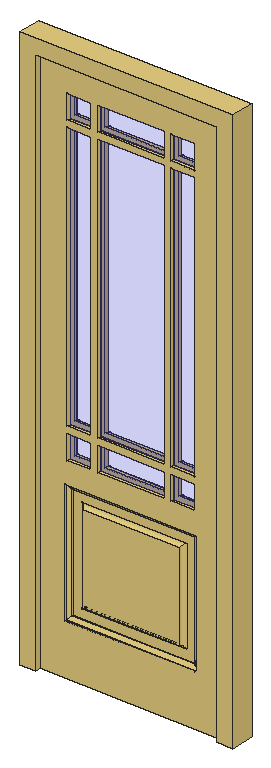
Revit family "DTI_A3-2032X762-Square-Happy-Door", category Doors, host Wall, Revit 2016
Family settings
  Host = Wall
  Always vertical = Yes
  Cut with Voids When Loaded = No
  Shared = No
  Room Calculation Point = No
Parameters (values of type "2032 x 762 Square - Happy Door")
  URL = "http://www.kparkerjoinery.co.za/"
  Panel Width = Width - (Frame Width * 2)  # 652 mm
  Panel Height = Height - Frame Width  # 1977 mm
  Model = "Standard"
  Manufacturer Code = "Square - Happy Door"
  Manufacturer = "K. Parker Joinery"
  Height = 2032 mm
  Wall Closure = By host
  Width = 762 mm
  Glass Material = Glass
  Function = Interior
  Frame Width = 55 mm
  Frame Thickness = 85 mm
  Frame Material = Kiln Dried Wood
  Assembly Code = "B2030130"
Reference planes
  plane 1 "Center": y = 0
  plane 2 "Center (Left/Right)": x = 0
  plane 3 "Left": x = -381
  plane 4 "Right": x = 381
  plane 5: z = 2032
  plane 6 "Exterior": y = 75
  plane 7 "Interior": y = -75
Forms (mm)
  Sweep 1, solid, material "Kiln Dried Wood" <- "Frame Material"
    path origin (0, 0, 0) x (1, 0, 0) y (0, 0, 1)
      loop
        line (381, 0) -> (381, 2032) -> (-381, 2032) -> (-381, 0)
    profile origin (0, 0, 2032) x (0, 0, -1) y (0, -1, 0)
      loop
        line (0, -42.5) -> (55, -42.5) -> (55, 42.5) -> (0, 42.5) -> (0, -42.5)
Lines and regions (mm)
  Opening 1
    outline origin (-3050, -75, 0) x (1, 0, 0) y (0, 0, 1)
      loop
        line (2669, 0) -> (3431, 0) -> (3431, 2032) -> (2669, 2032) -> (2669, 0)
  symbolic lines, style "Elevation Swing"
    curve 1: line (326, 0, 1977) -> (-326, 0, 988.5)
    curve 2: line (-326, 0, 988.5) -> (326, 0, 0)
  symbolic lines, style "Plan Swing"
    curve 3: line (326, 22, 0) -> (282, 22, 0)
    curve 4: line (326, 674, 0) -> (326, 22, 0)
    curve 5: line (282, 674, 0) -> (326, 674, 0)
    curve 6: line (282, 22, 0) -> (282, 674, 0)
    curve 7: arc (326, 674, 0) -> (-135.034, 483.034, 0) -> (-326, 22, 0) r 652
Text (mm)
  text "Exterior" at (-2295.016, 1099.543, 0), in view "Ref. Level"
  text "Exterior" at (0, 1615.38, 3698.081), in view "Left"
  text "Exterior" at (0, 1036.032, 3874.932), in view "Right"
Dimensions and locks
  equal spacing: plane 3 "Left", plane 2 "Center (Left/Right)", plane 4 "Right"
  "Width": plane 3 "Left" to plane 4 "Right"
  "Height": plane 5 to host wall
  locked: plane 6 "Exterior" to host wall at 0
  locked: plane 7 "Interior" to host wall
  equal spacing: Sweep 1 sketch curve, profile plane, Sweep 1 sketch curve
  "Frame Thickness": Sweep 1 sketch curve to Sweep 1 sketch curve
  "Frame Width": Sweep 1 sketch curve to Sweep 1 sketch curve
  "Panel Width": curve 3 to curve 5
  aligned and locked: plane 3 "Left" to Opening 1 sketch curve
  aligned and locked: plane 5 to Opening 1 sketch curve  (x2)
  aligned and locked: Opening 1 sketch curve to plane 4 "Right"
  aligned and locked: Opening 1 sketch curve to level
  aligned and locked: plane 1 "Center" to host wall
  aligned and locked: level to Sweep 1 sketch curve  (x2)
  aligned and locked: plane 5 to Sweep 1 sketch curve
  aligned and locked: Sweep 1 sketch curve to plane 4 "Right"
  aligned and locked: Sweep 1 sketch curve to plane 3 "Left"
  aligned and locked: Sweep 1 sketch curve to profile plane
  aligned and locked: plane 2 "Center (Left/Right)" to nested 1
  aligned and locked: plane 1 "Center" to nested 1
  aligned and locked: nested 1 to level
Automatic sketch dimensions
  curve 2 to level = 0 mm
  curve 1 to plane 3 "Left" = 55 mm
  plane 4 "Right" to curve 2 = 55 mm
  plane 4 "Right" to curve 1 = 55 mm
  level to curve 2 = 988.5 mm
  plane 5 to curve 1 = 55 mm
  curve 7 to plane 3 "Left" = 55 mm
  curve 5 to curve 5 = 44 mm
  curve 3 to host wall = 22 mm
  curve 7 to curve 3 = 0 mm
Nested families
  nested 1: "Happy Door" at (0, 0, 0) x (-1, 0, 0) z (0, 0, 1), type "Happy Door", detail levels medium+fine
    with Width 652 mm, Height 1977 mm
Definition of nested family "Happy Door"
  Parameters
    Width = 813 mm
    Height = 2032 mm
    Glass Material = none
    Frame Material = none
  Reference planes
    plane 1 "Center (Front/Back)": y = 0
    plane 2: z = 0
    plane 3 "Center (Left/Right)": x = 0
    plane 4: x = -406.5
    plane 5: x = 406.5
    plane 6: z = 2032
    plane 7: z = 1972
    plane 8: z = 155
    plane 9: z = 1354.667
    plane 10: z = 677.333
    plane 11: z = 672.083
    plane 12: z = 682.583
    plane 13: x = -346.5
    plane 14: x = 346.5
    plane 15: z = 1837
    plane 16: z = 817.583
    plane 17: x = 211.5
    plane 18: x = -211.5
  Forms (mm)
    Sweep 1, solid, material <- "Frame Material"
      path origin (0, 0, 0) x (1, 0, 0) y (0, 0, 1)
        loop
          line (-406.5, 0) -> (406.5, 0)
      profile "Solid B : Solid B" origin (0, 0, 0) x (0, 0, 1) y (0, -1, 0)
        loop
          line (0, 22) -> (0, -22) -> (185, -22) -> (185, -20) -> (200, -11) -> (200, -6) -> (155, -6) -> (155, 6) -> (200, 6) -> (200, 11) -> (185, 20) -> (185, 22) -> (0, 22)
    Sweep 2, solid, material <- "Frame Material"
      path origin (0, 0, 0) x (1, 0, 0) y (0, 0, 1)
        loop
          line (-406.5, 677.333) -> (406.5, 677.333)
      profile "Glass M spec : Glass M spec" origin (0, 0, 677.333) x (0, 0, 1) y (0, -1, 0)
        loop
          line (40.25, 22) -> (-35.25, 22) -> (-35.25, 20) -> (-50.25, 11) -> (-50.25, 6) -> (-5.25, 6) -> (-5.25, -6) -> (-50.25, -6) -> (-50.25, -11) -> (-35.25, -20) -> (-35.25, -22) -> (41.25, -22) -> (41.25, -10) -> (5.25, -10) -> (5.25, 2) -> (50.25, 2) -> (50.25, 12) -> (48.25, 12)
          arc (48.25, 12) -> (45.907, 17.657) -> (40.25, 20) r 8
          line (40.25, 20) -> (40.25, 22)
    Sweep 3, solid, material <- "Frame Material"
      path origin (0, 0, 0) x (1, 0, 0) y (0, 0, 1)
        loop
          line (-406.5, 155) -> (-406.5, 672.083)
      profile "Solid T : Solid T" origin (-406.5, 0, 413.542) x (-1, 0, 0) y (0, -1, 0)
        loop
          line (0, 22) -> (-90, 22) -> (-90, 20) -> (-105, 11) -> (-105, 6) -> (-60, 6) -> (-60, -6) -> (-105, -6) -> (-105, -11) -> (-90, -20) -> (-90, -22) -> (0, -22) -> (0, 22)
    Sweep 4, solid, material <- "Frame Material"
      path origin (0, 0, 0) x (-1, 0, 0) y (0, 0, 1)
        loop
          line (-406.5, 155) -> (-406.5, 672.083)
      profile "Solid T : Solid T" origin (406.5, 0, 413.542) x (1, 0, 0) y (0, 1, 0)
        loop
          line (0, -22) -> (0, 22) -> (-90, 22) -> (-90, 20) -> (-105, 11) -> (-105, 6) -> (-60, 6) -> (-60, -6) -> (-105, -6) -> (-105, -11) -> (-90, -20) -> (-90, -22) -> (0, -22)
    Sweep 5, solid, material <- "Frame Material"
      path origin (0, 0, 0) x (1, 0, 0) y (0, 0, 1)
        loop
          line (-406.5, 682.583) -> (-406.5, 2032) -> (406.5, 2032) -> (406.5, 682.583)
      profile "Glass T : Glass T" origin (0, 0, 2032) x (0, 0, 1) y (0, -1, 0)
        loop
          line (0, -22) -> (0, 22) -> (-95, 22) -> (-95, 20)
          arc (-95, 20) -> (-100.657, 17.657) -> (-103, 12) r 8
          line (-103, 12) -> (-105, 12) -> (-105, 2) -> (-60, 2) -> (-60, -10) -> (-96, -10) -> (-96, -22) -> (0, -22)
    Extrusion 6, solid, material <- "Frame Material"
      sketch origin (0, 0, 0) x (1, 0, 0) y (0, 1, 0)
        loop
          line (-346.5, 20) -> (-346.5, -20) -> (346.5, -20) -> (346.5, 20) -> (-346.5, 20)
      from 672.083 to 155
    Extrusion 7, solid, material <- "Glass Material"
      sketch origin (0, 0, 0) x (1, 0, 0) y (0, 1, 0)
        loop
          line (-346.5, 10) -> (-346.5, -2) -> (346.5, -2) -> (346.5, 10) -> (-346.5, 10)
      from 682.583 to 1972
    Sweep 8, void
      path origin (0, 0, 0) x (1, 0, 0) y (0, 0, 1)
        loop
          line (-346.5, 672.083) -> (-346.5, 155) -> (346.5, 155) -> (346.5, 672.083) -> (-346.5, 672.083)
      profile "Void : Void" origin (0, 0, 672.083) x (0, 0, 1) y (0, -1, 0)
        loop
          line (-44.95, -11) -> (-44.95, -6) -> (-78.778, -6)
          arc (-78.778, -6) -> (-88.678, -10.101) -> (-92.778, -20) r 14
          line (-92.778, -20) -> (-92.778, -27) -> (-29.95, -27) -> (-29.95, -20) -> (-44.95, -11)
        loop
          line (-44.95, 11) -> (-29.95, 20) -> (-29.95, 27) -> (-92.778, 27) -> (-92.778, 20)
          arc (-92.778, 20) -> (-88.678, 10.101) -> (-78.778, 6) r 14
          line (-78.778, 6) -> (-44.95, 6) -> (-44.95, 11)
    Sweep 9, solid, material <- "Frame Material"
      path origin (0, 0, 0) x (1, 0, 0) y (0, 0, 1)
        loop
          line (-346.5, 1837) -> (346.5, 1837)
      profile "Glass S : Glass S" origin (0, 0, 1837) x (0, 0, 1) y (0, -1, 0)
        loop
          line (-10, 22) -> (-10, 20)
          arc (-10, 20) -> (-15.657, 17.657) -> (-18, 12) r 8
          line (-18, 12) -> (-20, 12) -> (-20, 2) -> (-5.25, 2) -> (-5.25, -10) -> (-11, -10) -> (-11, -22) -> (11, -22) -> (11, -10) -> (5.25, -10) -> (5.25, 2) -> (20, 2) -> (20, 12) -> (18, 12)
          arc (18, 12) -> (15.657, 17.657) -> (10, 20) r 8
          line (10, 20) -> (10, 22) -> (-10, 22)
    Sweep 10, solid, material <- "Frame Material"
      path origin (0, 0, -920) x (1, 0, 0) y (0, 0, 1)
        loop
          line (-346.5, 1737.583) -> (346.5, 1737.583)
      profile "Glass S : Glass S" origin (0, 0, 817.583) x (0, 0, 1) y (0, -1, 0)
        loop
          line (-10, 22) -> (-10, 20)
          arc (-10, 20) -> (-15.657, 17.657) -> (-18, 12) r 8
          line (-18, 12) -> (-20, 12) -> (-20, 2) -> (-5.25, 2) -> (-5.25, -10) -> (-11, -10) -> (-11, -22) -> (11, -22) -> (11, -10) -> (5.25, -10) -> (5.25, 2) -> (20, 2) -> (20, 12) -> (18, 12)
          arc (18, 12) -> (15.657, 17.657) -> (10, 20) r 8
          line (10, 20) -> (10, 22) -> (-10, 22)
    Sweep 11, solid, material <- "Frame Material"
      path origin (1826.937, 0, 724.981) x (0.104528, 0, 0.994522) y (-0.994522, 0, 0.104528)
        loop
          line (-211.025, 1602.155) -> (1071.328, 1736.936)
      profile "Glass S : Glass S" origin (211.5, 0, 1327.292) x (-1, 0, 0) y (0, -1, 0)
        loop
          line (-10, 22) -> (-10, 20)
          arc (-10, 20) -> (-15.657, 17.657) -> (-18, 12) r 8
          line (-18, 12) -> (-20, 12) -> (-20, 2) -> (-5.25, 2) -> (-5.25, -10) -> (-11, -10) -> (-11, -22) -> (11, -22) -> (11, -10) -> (5.25, -10) -> (5.25, 2) -> (20, 2) -> (20, 12) -> (18, 12)
          arc (18, 12) -> (15.657, 17.657) -> (10, 20) r 8
          line (10, 20) -> (10, 22) -> (-10, 22)
    Sweep 12, solid, material <- "Frame Material"
      path origin (1626.937, 0, 724.981) x (0.104528, 0, 0.994522) y (-0.994522, 0, 0.104528)
        loop
          line (-234.335, 1823.934) -> (1048.019, 1958.715)
      profile "Glass S : Glass S" origin (-211.5, 0, 1327.292) x (-1, 0, 0) y (0, -1, 0)
        loop
          line (-10, 22) -> (-10, 20)
          arc (-10, 20) -> (-15.657, 17.657) -> (-18, 12) r 8
          line (-18, 12) -> (-20, 12) -> (-20, 2) -> (-5.25, 2) -> (-5.25, -10) -> (-11, -10) -> (-11, -22) -> (11, -22) -> (11, -10) -> (5.25, -10) -> (5.25, 2) -> (20, 2) -> (20, 12) -> (18, 12)
          arc (18, 12) -> (15.657, 17.657) -> (10, 20) r 8
          line (10, 20) -> (10, 22) -> (-10, 22)
  Cuts and joins
    Sweep 8 cuts Extrusion 6
    joined: Sweep 1, Sweep 2, Sweep 3, Sweep 4, Sweep 5, Sweep 9, Sweep 10, Sweep 11, Sweep 12
  Dimensions and locks
    equal spacing: plane 4, plane 3 "Center (Left/Right)", plane 5
    "Width": plane 4 to plane 5
    "Height": plane 6 to level
    locked: plane 8 to level at 155
    locked: plane 6 to plane 7 at 60
    equal spacing: plane 6, plane 9, plane 10, level
    locked: plane 10 to plane 11 at 5.25
    locked: plane 10 to plane 12 at 5.25
    locked: plane 4 to plane 13 at 60
    locked: plane 5 to plane 14 at 60
    locked: plane 18 to plane 13 at 135
    locked: plane 17 to plane 14 at 135
    locked: plane 16 to plane 12 at 135
    locked: plane 7 to plane 15 at 135
    aligned and locked: Sweep 1 sketch curve to level
    aligned and locked: plane 4 to Sweep 1 sketch curve
    aligned and locked: plane 5 to Sweep 1 sketch curve
    aligned and locked: Sweep 2 sketch curve to plane 10
    aligned and locked: plane 4 to Sweep 2 sketch curve
    aligned and locked: plane 5 to Sweep 2 sketch curve
    aligned and locked: plane 11 to Sweep 3 sketch curve
    aligned and locked: plane 8 to Sweep 3 sketch curve
    aligned and locked: plane 4 to Sweep 3 sketch curve
    aligned and locked: plane 11 to Sweep 4 sketch curve
    aligned and locked: plane 8 to Sweep 4 sketch curve
    aligned and locked: Sweep 4 sketch curve to plane 5
    aligned and locked: Sweep 5 sketch curve to plane 6
    aligned and locked: plane 4 to Sweep 5 sketch curve
    aligned and locked: plane 5 to Sweep 5 sketch curve
    aligned and locked: plane 12 to Sweep 5 sketch curve  (x2)
    aligned and locked: plane 13 to Extrusion 6 sketch curve
    aligned and locked: plane 14 to Extrusion 6 sketch curve
    aligned and locked: plane 13 to Extrusion 7 sketch curve
    aligned and locked: plane 14 to Extrusion 7 sketch curve
    aligned and locked: plane 12 to Extrusion 7
    aligned and locked: plane 7 to Extrusion 7
    aligned and locked: plane 11 to Extrusion 6
    aligned and locked: Extrusion 6 to plane 8
    aligned and locked: plane 13 to Sweep 8 sketch curve
    aligned and locked: Sweep 8 sketch curve to plane 11
    aligned and locked: plane 8 to Sweep 8 sketch curve
    aligned and locked: plane 14 to Sweep 8 sketch curve
    aligned and locked: plane 13 to Sweep 9 sketch curve
    aligned and locked: plane 14 to Sweep 9 sketch curve
    aligned and locked: Sweep 9 sketch curve to plane 15
    aligned and locked: plane 18 to Sweep 12 sketch curve
    aligned and locked: plane 7 to Sweep 12 sketch curve
    aligned and locked: plane 12 to Sweep 12 sketch curve
    aligned and locked: plane 17 to Sweep 11 sketch curve
    aligned and locked: plane 7 to Sweep 11 sketch curve
    aligned and locked: plane 12 to Sweep 11 sketch curve
    aligned and locked: plane 13 to Sweep 10 sketch curve
    aligned and locked: plane 14 to Sweep 10 sketch curve
    aligned and locked: Sweep 10 sketch curve to plane 16
  Automatic sketch dimensions
    plane 1 "Center (Front/Back)" to Extrusion 6 sketch curve = 20 mm
    Extrusion 6 sketch curve to plane 1 "Center (Front/Back)" = 20 mm
    plane 1 "Center (Front/Back)" to Extrusion 7 sketch curve = 2 mm
    Extrusion 7 sketch curve to plane 1 "Center (Front/Back)" = 10 mm
